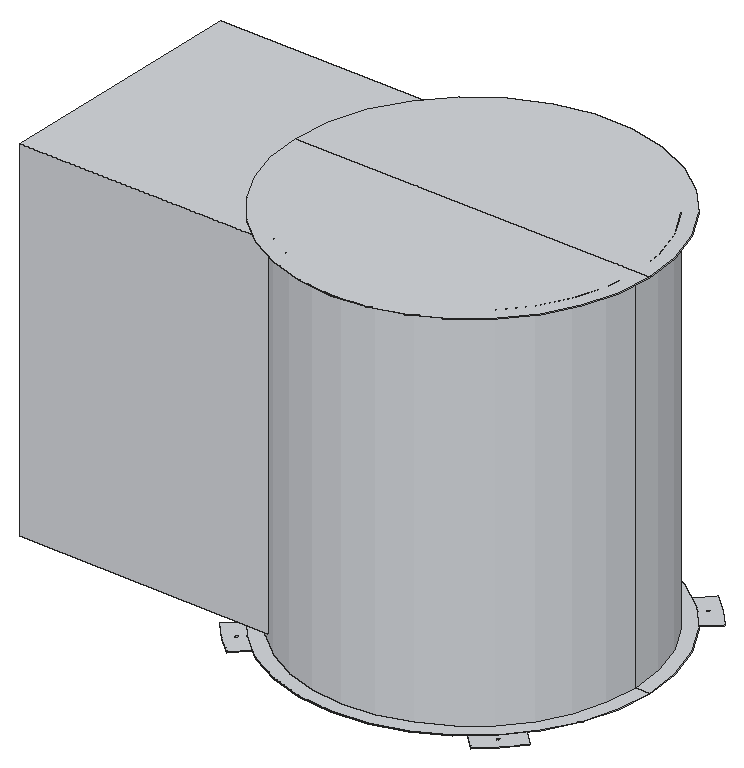
Revit family "VAHB_Upblast_Floor_Mount", category Mechanical Equipment, Revit 2019
Family settings
  Round Connector Dimension = Use Radius
  Part Type = Normal
  Work Plane-Based = No
  Always vertical = Yes
  Cut with Voids When Loaded = No
  Shared = No
  Room Calculation Point = No
Parameters (values of type "60_VAHB_UPBLAST_FLOOR")
  Unit Weight [instance] = ""
  ModelID [instance] = ""
  L/2 = L / 2  # 2' - 0 7/32"
  J/2 = J / 2  # 2' - 10 1/4"
  J-A = J - A  # 0' - 8 1/2"
  J = 5' - 8 1/2"
  K/2 = K / 2  # 0' - 0 7/32"
  K = 0' - 0 7/16"
  L-(C/2) = L - (C / 2)  # 1' - 4 13/16"
  L = 4' - 0 7/16"
  H-(A/2) = H - (A / 2)  # 2' - 11"
  H+L = H + L  # 9' - 5 7/16"
  H = 5' - 5"
  Sones [instance] = ""
  Motor RPM [instance] = ""
  Motor Enclosure [instance] = ""
  LwA [instance] = ""
  G = 16' - 0"
  Fan RPM [instance] = ""
  F/2 = F / 2  # 0' - 0 9/32"
  F = 0' - 0 9/16"
  E/2 = E / 2  # 2' - 10 1/2"
  E-2" = E - 0' 2"  # 5' - 7"
  E-.125" = E - 0' 0 1/8"  # 5' - 8 7/8"
  E = 5' - 9"
  C/2+L = C / 2 + L  # 6' - 8 1/16"
  C/2 = C / 2  # 2' - 7 5/8"
  C = 5' - 3 1/4"
  B/2 = B / 2  # 2' - 8 23/32"
  B = 5' - 5 7/16"
  Accessories [instance] = ""
  A/3 = A / 2.5  # 2' - 0"
  A/2 = A / 2  # 2' - 6"
  A = 5' - 0"
  60 = 60.00°  # constant formula
  45 = 45.00°
  30 = 30.00°  # constant formula
  3" = 0' - 3"  # constant formula
  Brake Hp [instance] = ""
  4" = 0' - 4"  # constant formula
  2' = 2' - 0"
  2" = 0' - 2"  # constant formula
  1" = 0' - 1"  # constant formula
  0 = 0' - 0"  # constant formula
  Voltage [instance] = 0 V
  URL = "www.lorencook.com"
  Type Comments = "Fixed Pitch Vane Axial Upblast Floor Mount Belt Drive Arrangement 9"  # constant formula
  Static Pressure [instance] = 0.00 in-wg
  Power [instance] = Voltage * Motor FLA * sqrt(if(Phase = 3, 3, 1))  # 0 VA
  Phase [instance] = 0
  Number of Poles [instance] = 1
  Motor Hp [instance] = "0"
  Motor FLA [instance] = 0 A
  Model = "VAHB"  # constant formula
  Manufacturer = "Loren Cook Company"
  CFM [instance] = 0 CFM
  1.5 = 0' - 1 1/2"  # constant formula
  ONE EIGTH = 0' - 0 1/8"  # constant formula
  -E/2 = -E / 2  # -2' - 10 1/2"
  -(E-.25")/2 = -(E - 0' 0 1/4") / 2  # -2' - 10 3/8"
  (L/2)-1" = (L / 2) - 0' 1"  # 1' - 11 7/32"
  (J-A)/2 = (J - A) / 2  # 0' - 4 1/4"
  (J+(J-A))/2 = (J + (J / 2 - A / 2)) / 2  # 3' - 0 3/8"
  (H-(A/2))/2 = (H - (A / 2)) / 2  # 1' - 5 1/2"
  (E-.25")/2 = (E - 0' 0 1/4") / 2  # 2' - 10 3/8"
  (A+.25")/2 = (A + 0' 0 1/4") / 2  # 2' - 6 1/8"
Types (12): name | L/2 | J/2 | J-A | J | K/2 | K | L-(C/2) | L | H-(A/2) | H+L | H | G | F/2 | F | E/2 | E-2" | E-.125" | E | C/2+L | C/2 | C | B/2 | B | A/3 | A/2 | A | -E/2 | -(E-.25")/2 | (L/2)-1" | (J-A)/2 | (J+(J-A))/2 | (H-(A/2))/2 | (E-.25")/2 | (A+.25")/2
  (no name) | 2' - 0 7/32" | 2' - 10 1/4" | 0' - 8 1/2" | 5' - 8 1/2" | 0' - 0 7/32" | 0' - 0 7/16" | 1' - 4 13/16" | 4' - 0 7/16" | 2' - 11" | 9' - 5 7/16" | 5' - 5" | 16' - 0" | 0' - 0 9/32" | 0' - 0 9/16" | 2' - 10 1/2" | 5' - 7" | 5' - 8 7/8" | 5' - 9" | 6' - 8 1/16" | 2' - 7 5/8" | 5' - 3 1/4" | 2' - 8 23/32" | 5' - 5 7/16" | 2' - 0" | 2' - 6" | 5' - 0" | -2' - 10 1/2" | -2' - 10 3/8" | 1' - 11 7/32" | 0' - 4 1/4" | 3' - 0 3/8" | 1' - 5 1/2" | 2' - 10 3/8" | 2' - 6 1/8"
  12_VAHB_UPBLAST_FLOOR | 0' - 6 3/32" | 0' - 8 5/8" | 0' - 5 1/4" | 1' - 5 1/4" | 0' - 0 3/16" | 0' - 0 3/8" | 0' - 5 1/2" | 1' - 0 3/16" | 1' - 3" | 2' - 9 3/16" | 1' - 9" | 6' - 0" | 0' - 0 5/32" | 0' - 0 5/16" | 0' - 10" | 1' - 6" | 1' - 7 7/8" | 1' - 8" | 1' - 6 7/8" | 0' - 6 11/16" | 1' - 1 3/8" | 0' - 7 3/8" | 1' - 2 3/4" | 0' - 4.8" | 0' - 6" | 1' - 0" | -0' - 10" | -0' - 9 7/8" | 0' - 5 3/32" | 0' - 2 5/8" | 0' - 9 15/16" | 0' - 7 1/2" | 0' - 9 7/8" | 0' - 6 1/8"
  14_VAHB_UPBLAST_FLOOR | 0' - 6 13/16" | 0' - 9 5/8" | 0' - 5 1/4" | 1' - 7 1/4" | 0' - 0 3/16" | 0' - 0 3/8" | 0' - 5 7/8" | 1' - 1 5/8" | 1' - 5" | 3' - 1 5/8" | 2' - 0" | 6' - 0" | 0' - 0 5/32" | 0' - 0 5/16" | 0' - 11 1/2" | 1' - 9" | 1' - 10 7/8" | 1' - 11" | 1' - 9 3/8" | 0' - 7 3/4" | 1' - 3 1/2" | 0' - 8 3/8" | 1' - 4 3/4" | 0' - 5.6" | 0' - 7" | 1' - 2" | -0' - 11 1/2" | -0' - 11 3/8" | 0' - 5 13/16" | 0' - 2 5/8" | 0' - 10 15/16" | 0' - 8 1/2" | 0' - 11 3/8" | 0' - 7 1/8"
  18_VAHB_UPBLAST_FLOOR | 0' - 8 7/32" | 0' - 11 5/8" | 0' - 5 1/4" | 1' - 11 1/4" | 0' - 0 3/16" | 0' - 0 3/8" | 0' - 6 9/16" | 1' - 4 7/16" | 1' - 6 1/4" | 3' - 7 11/16" | 2' - 3 1/4" | 12' - 0" | 0' - 0 7/32" | 0' - 0 7/16" | 1' - 2 1/2" | 2' - 3" | 2' - 4 7/8" | 2' - 5" | 2' - 2 5/16" | 0' - 9 7/8" | 1' - 7 3/4" | 0' - 10 5/8" | 1' - 9 1/4" | 0' - 7.2" | 0' - 9" | 1' - 6" | -1' - 2 1/2" | -1' - 2 3/8" | 0' - 7 7/32" | 0' - 2 5/8" | 1' - 0 15/16" | 0' - 9 1/8" | 1' - 2 3/8" | 0' - 9 1/8"
  21_VAHB_UPBLAST_FLOOR | 0' - 9 9/32" | 1' - 1 1/8" | 0' - 5 1/4" | 2' - 2 1/4" | 0' - 0 3/16" | 0' - 0 3/8" | 0' - 7 3/16" | 1' - 6 9/16" | 1' - 9" | 4' - 2 1/16" | 2' - 7 1/2" | 12' - 0" | 0' - 0 7/32" | 0' - 0 7/16" | 1' - 3 1/2" | 2' - 5" | 2' - 6 7/8" | 2' - 7" | 2' - 5 15/16" | 0' - 11 3/8" | 1' - 10 3/4" | 1' - 0 1/8" | 2' - 0 1/4" | 0' - 8.4" | 0' - 10 1/2" | 1' - 9" | -1' - 3 1/2" | -1' - 3 3/8" | 0' - 8 9/32" | 0' - 2 5/8" | 1' - 2 7/16" | 0' - 10 1/2" | 1' - 3 3/8" | 0' - 10 5/8"
  26_VAHB_UPBLAST_FLOOR | 0' - 11 3/32" | 1' - 3 11/16" | 0' - 5 3/8" | 2' - 7 3/8" | 0' - 0 3/16" | 0' - 0 3/8" | 0' - 8 3/16" | 1' - 10 3/16" | 1' - 9 1/2" | 4' - 8 11/16" | 2' - 10 1/2" | 12' - 0" | 0' - 0 7/32" | 0' - 0 7/16" | 1' - 4" | 2' - 6" | 2' - 7 7/8" | 2' - 8" | 3' - 0 3/16" | 1' - 2" | 2' - 4" | 1' - 3 5/32" | 2' - 6 5/16" | 0' - 10.4" | 1' - 1" | 2' - 2" | -1' - 4" | -1' - 3 7/8" | 0' - 10 3/32" | 0' - 2 11/16" | 1' - 5 1/32" | 0' - 10 3/4" | 1' - 3 7/8" | 1' - 1 1/8"
  29_VAHB_UPBLAST_FLOOR | 1' - 0 1/2" | 1' - 5 11/16" | 0' - 6 3/8" | 2' - 11 3/8" | 0' - 0 7/32" | 0' - 0 7/16" | 0' - 9 1/2" | 2' - 1" | 2' - 2" | 5' - 5 1/2" | 3' - 4 1/2" | 12' - 0" | 0' - 0 7/32" | 0' - 0 7/16" | 1' - 6" | 2' - 10" | 2' - 11 7/8" | 3' - 0" | 3' - 4 1/2" | 1' - 3 1/2" | 2' - 7" | 1' - 4 21/32" | 2' - 9 5/16" | 0' - 11.6" | 1' - 2 1/2" | 2' - 5" | -1' - 6" | -1' - 5 7/8" | 0' - 11 1/2" | 0' - 3 3/16" | 1' - 7 9/32" | 1' - 1" | 1' - 5 7/8" | 1' - 2 5/8"
  36_VAHB_UPBLAST_FLOOR | 1' - 3 11/32" | 1' - 9 11/16" | 0' - 7 3/8" | 3' - 7 3/8" | 0' - 0 7/32" | 0' - 0 7/16" | 0' - 11 11/16" | 2' - 6 11/16" | 2' - 3 1/2" | 6' - 4 3/16" | 3' - 9 1/2" | 16' - 0" | 0' - 0 9/32" | 0' - 0 9/16" | 1' - 9" | 3' - 4" | 3' - 5 7/8" | 3' - 6" | 4' - 1 11/16" | 1' - 7" | 3' - 2" | 1' - 8 5/32" | 3' - 4 5/16" | 1' - 2.4" | 1' - 6" | 3' - 0" | -1' - 9" | -1' - 8 7/8" | 1' - 2 11/32" | 0' - 3 11/16" | 1' - 11 17/32" | 1' - 1 3/4" | 1' - 8 7/8" | 1' - 6 1/8"
  42_VAHB_UPBLAST_FLOOR | 1' - 5 3/32" | 2' - 0 3/16" | 0' - 6 3/8" | 4' - 0 3/8" | 0' - 0 7/32" | 0' - 0 7/16" | 1' - 0" | 2' - 10 3/16" | 2' - 5 1/2" | 7' - 0 11/16" | 4' - 2 1/2" | 16' - 0" | 0' - 0 9/32" | 0' - 0 9/16" | 2' - 1" | 4' - 0" | 4' - 1 7/8" | 4' - 2" | 4' - 8 3/8" | 1' - 10 3/16" | 3' - 8 3/8" | 1' - 10 21/32" | 3' - 9 5/16" | 1' - 4.8" | 1' - 9" | 3' - 6" | -2' - 1" | -2' - 0 7/8" | 1' - 4 3/32" | 0' - 3 3/16" | 2' - 1 25/32" | 1' - 2 3/4" | 2' - 0 7/8" | 1' - 9 1/8"
  48_VAHB_UPBLAST_FLOOR | 1' - 7 15/16" | 2' - 4 3/16" | 0' - 8 3/8" | 4' - 8 3/8" | 0' - 0 7/32" | 0' - 0 7/16" | 1' - 2 5/8" | 3' - 3 7/8" | 2' - 6" | 7' - 9 7/8" | 4' - 6" | 16' - 0" | 0' - 0 9/32" | 0' - 0 9/16" | 2' - 4" | 4' - 6" | 4' - 7 7/8" | 4' - 8" | 5' - 5 1/8" | 2' - 1 1/4" | 4' - 2 1/2" | 2' - 2 19/32" | 4' - 5 3/16" | 1' - 7.2" | 2' - 0" | 4' - 0" | -2' - 4" | -2' - 3 7/8" | 1' - 6 15/16" | 0' - 4 3/16" | 2' - 6 9/32" | 1' - 3" | 2' - 3 7/8" | 2' - 0 1/8"
  54_VAHB_UPBLAST_FLOOR | 1' - 10 3/32" | 2' - 7 1/4" | 0' - 8 1/2" | 5' - 2 1/2" | 0' - 0 7/32" | 0' - 0 7/16" | 1' - 3 15/16" | 3' - 8 3/16" | 2' - 8 1/2" | 8' - 7 11/16" | 4' - 11 1/2" | 16' - 0" | 0' - 0 9/32" | 0' - 0 9/16" | 2' - 7" | 5' - 0" | 5' - 1 7/8" | 5' - 2" | 6' - 0 7/16" | 2' - 4 1/4" | 4' - 8 1/2" | 2' - 5 23/32" | 4' - 11 7/16" | 1' - 9.6" | 2' - 3" | 4' - 6" | -2' - 7" | -2' - 6 7/8" | 1' - 9 3/32" | 0' - 4 1/4" | 2' - 9 3/8" | 1' - 4 1/4" | 2' - 6 7/8" | 2' - 3 1/8"
  60_VAHB_UPBLAST_FLOOR | 2' - 0 7/32" | 2' - 10 1/4" | 0' - 8 1/2" | 5' - 8 1/2" | 0' - 0 7/32" | 0' - 0 7/16" | 1' - 4 13/16" | 4' - 0 7/16" | 2' - 11" | 9' - 5 7/16" | 5' - 5" | 16' - 0" | 0' - 0 9/32" | 0' - 0 9/16" | 2' - 10 1/2" | 5' - 7" | 5' - 8 7/8" | 5' - 9" | 6' - 8 1/16" | 2' - 7 5/8" | 5' - 3 1/4" | 2' - 8 23/32" | 5' - 5 7/16" | 2' - 0" | 2' - 6" | 5' - 0" | -2' - 10 1/2" | -2' - 10 3/8" | 1' - 11 7/32" | 0' - 4 1/4" | 3' - 0 3/8" | 1' - 5 1/2" | 2' - 10 3/8" | 2' - 6 1/8"
Reference planes (in)
  plane 1 "Center (Front/Back)": y = 0
  plane 2: z = 0
  plane 3 "Center (Left/Right)": x = 0.40541
Forms (in)
  Revolve 1, solid
    sketch origin (0, 0, 0) x (1, 0, 0) y (0, 0, 1)
      loop
        line (0.40541, 0) -> (33.12416, 0) -> (33.12416, 0.125) -> (30.53041, 0.125) -> (30.53041, 68.875) -> (33.12416, 68.875) -> (33.12416, 69) -> (0.40541, 69) -> (0.40541, 0)
      axis (0.40541, 69) -> (0.40541, 0)
    angle from 0 to 360
  Extrusion 2, solid
    sketch origin (0, 0, 0) x (1, 0, 0) y (0, 1, 0)
      loop
        line (-18.78847, 23.21875) -> (-64.59459, 23.21875) -> (-64.59459, -23.21875) -> (-18.78847, -23.21875)
        arc (-18.78847, -23.21875) -> (-29.71959, 0) -> (-18.78847, 23.21875) r 30.125
    from 2 to 67 <- "E-2""
  Extrusion 3, solid
    sketch origin (0, 0, 0) x (1, 0, 0) y (0, 1, 0)
      loop
        line (-19.52902, 25.94484) -> (-22.13423, 28.55005)
        arc (-22.13423, 28.55005) -> (-25.3156, 25.72101) -> (-28.14464, 22.53964) r 36.375
        line (-28.14464, 22.53964) -> (-25.53943, 19.93444)
        arc (-25.53943, 19.93444) -> (-22.73024, 23.13565) -> (-19.52902, 25.94484) r 32.71875
      loop
        arc (20.33985, 25.94484) -> (23.54106, 23.13565) -> (26.35026, 19.93444) r 32.71875
        line (26.35026, 19.93444) -> (28.95546, 22.53964)
        arc (28.95546, 22.53964) -> (26.12642, 25.72101) -> (22.94505, 28.55005) r 36.375
        line (22.94505, 28.55005) -> (20.33985, 25.94484)
      loop
        line (20.33985, -25.94484) -> (22.94505, -28.55005)
        arc (22.94505, -28.55005) -> (26.12642, -25.72101) -> (28.95546, -22.53964) r 36.375
        line (28.95546, -22.53964) -> (26.35026, -19.93444)
        arc (26.35026, -19.93444) -> (23.54106, -23.13565) -> (20.33985, -25.94484) r 32.71875
      loop
        arc (-19.52902, -25.94484) -> (-22.73024, -23.13565) -> (-25.53943, -19.93444) r 32.71875
        line (-25.53943, -19.93444) -> (-28.14464, -22.53964)
        arc (-28.14464, -22.53964) -> (-25.3156, -25.72101) -> (-22.13423, -28.55005) r 36.375
        line (-22.13423, -28.55005) -> (-19.52902, -25.94484)
    from 0 to 0.125
  Extrusion 4, void
    sketch origin (0, 0, 0) x (1, 0, 0) y (0, 1, 0)
      loop
        circle (24.62416, 24.21875) r 0.21875
      loop
        circle (-23.81334, 24.21875) r 0.21875
      loop
        circle (-23.81334, -24.21875) r 0.21875
      loop
        circle (24.62416, -24.21875) r 0.21875
    from 0 to 69 <- "E"
Cuts and joins
  Extrusion 4 cuts Revolve 1
  Extrusion 4 cuts Extrusion 2
  Extrusion 4 cuts Extrusion 3
Dimensions and locks (in)
  "0": Revolve 1 sketch curve to plane 3 "Center (Left/Right)"  (x2)
  "E": Revolve 1 sketch curve to Revolve 1 sketch curve
  "0": Revolve 1 sketch curve to level
  "ONE EIGTH": Revolve 1 sketch curve to Revolve 1 sketch curve  (x2)
  "(A+.25")/2": Revolve 1 sketch curve to Revolve 1 sketch curve
  "B/2": Revolve 1 sketch curve to Revolve 1 sketch curve  (x2)
  "(L/2)-1"": plane 1 "Center (Front/Back)" to Extrusion 2 sketch curve
  "(L/2)-1"": Extrusion 2 sketch curve to plane 1 "Center (Front/Back)"
  "H": Extrusion 2 sketch curve to plane 3 "Center (Left/Right)"
  "0": Extrusion 2 sketch curve to plane 3 "Center (Left/Right)"
  "0": Extrusion 2 sketch curve to plane 1 "Center (Front/Back)"
  "(J-A)/2": plane 3 "Center (Left/Right)" to Extrusion 3 sketch curve  (x4)
  "(J-A)/2": Extrusion 3 sketch curve to plane 3 "Center (Left/Right)"  (x3)
  "0": Extrusion 3 sketch curve to plane 3 "Center (Left/Right)"  (x6)
  "0": Extrusion 3 sketch curve to plane 1 "Center (Front/Back)"  (x7)
  "0": plane 1 "Center (Front/Back)" to Extrusion 3 sketch curve
  "0": plane 3 "Center (Left/Right)" to Extrusion 3 sketch curve  (x2)
  "J-A": Extrusion 3 sketch curve to Extrusion 3 sketch curve
  "L/2": plane 3 "Center (Left/Right)" to Extrusion 4 sketch curve  (x4)
  "L/2": plane 1 "Center (Front/Back)" to Extrusion 4 sketch curve  (x4)
  "(A+.25")/2": radius of Extrusion 2 sketch curve
  "B/2": radius of Extrusion 3 sketch curve  (x4)
  "(J+(J-A))/2": radius of Extrusion 3 sketch curve  (x4)
  "K/2": radius of Extrusion 4 sketch curve  (x4)
  "45": angle plane 3 "Center (Left/Right)" to Extrusion 3 sketch curve  (x2)
  "45": angle Extrusion 3 sketch curve to plane 1 "Center (Front/Back)"  (x2)
  "45": angle Extrusion 3 sketch curve to plane 3 "Center (Left/Right)"  (x2)
  "45": angle plane 1 "Center (Front/Back)" to Extrusion 3 sketch curve  (x2)
Automatic sketch dimensions
  Revolve 1 sketch curve to level = 0' - 0"
  Revolve 1 sketch curve to Revolve 1 sketch curve = 1' - 0"
  Extrusion 2 sketch curve to Extrusion 2 sketch curve = 0' - 0"
Connectors (in)
  electrical at (-41.69153, -23.21875, 34.5)
    settings: on cut or joined group of Extrusion 2, Extrusion 4, index 1, voltage 0 V, apparent load 0 VA, apparent load phase1 0 VA, apparent load phase2 0 VA, apparent load phase3 0 VA, power factor 1, load classification "Other", number of poles 1, system type 14, power factor state 1, is connector primary yes, connector utility no, sub classification motor no, connector description ""
  hvac at (0.40541, 0, 69), driven by "A/2"
    settings: on cut or joined group of Revolve 1, Extrusion 4, index 2, duct flow 0 CFM, flow factor 0, pres drop 0.00 in-wg, loss coef 0, conn angle 0.00°, conn width 12", conn height 12", conn diameter 60", duct sys type 29, conn prof type 0, flow config 0, flow direction 2, loss method 0, conn ref index -1, conn util no, is conn primary yes, conn desc ""
  hvac at (0.40541, 0, 0.125), driven by "A/2"
    settings: on cut or joined group of Revolve 1, Extrusion 4, index 3, duct flow 0 CFM, flow factor 0, pres drop 0.00 in-wg, loss coef 0, conn angle 0.00°, conn width 12", conn height 12", conn diameter 60", duct sys type 29, conn prof type 0, flow config 0, flow direction 1, loss method 0, conn ref index -1, conn util no, is conn primary no, conn desc ""
